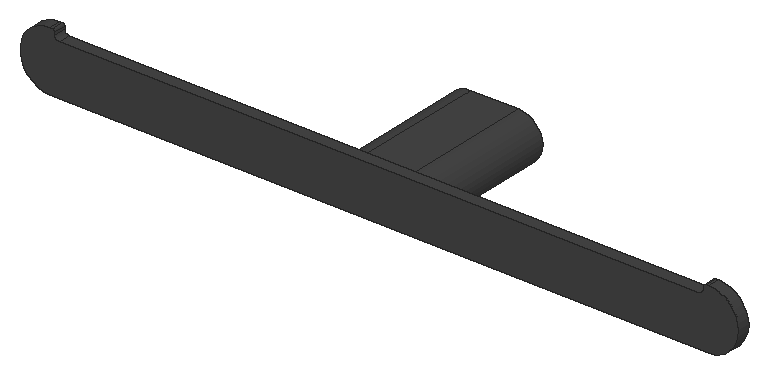
Revit family "rba-bim-rba1631-122", category Plumbing Fixtures, Revit 2016
Family settings
  Part Type = Normal
  Round Connector Dimension = Use Diameter
  Work Plane-Based = No
  Always vertical = Yes
  Cut with Voids When Loaded = No
  Shared = Yes
  Room Calculation Point = No
Parameters (values of type "RBA1631-322")
  Watermarked By = "www.rba.com.au"
  Waste Connection = yes
  Vent Connection = yes
  URL = ""
  Phone Number = "1300 788 778"
  Modified Issue = "20190924.01"
  Model = "RBA1631-322"
  Materials and Finishes = Heavy Duty Brass in a Matte Black Finish
  Manufacturer Model = ""
  Manufacturer = "RBA Group"  # constant formula
  HW Connection = yes
  Description = "ōken Double Toilet Roll Holder"
  Copyright by = "RBA Group"  # constant formula
  CW Connection = yes
Types (2, lengths in mm): name | Modified Issue | Model | Materials and Finishes
  RBA1631-122 | "20190220.01" | "RBA1631-122" | Heavy Duty Brass in a Bright Chrome Finish
  RBA1631-322 | "20190924.01" | "RBA1631-322" | Heavy Duty Brass in a Matte Black Finish
Reference planes
  plane 1 "Center (Front/Back)": y = 0
  plane 2: z = 0
  plane 3 "Center (Left/Right)": x = 0
  plane 4: x = 150
  plane 5: x = -150
Forms (mm)
  Extrusion 1, solid, material "Heavy Duty Brass in a Matte Black Finish" <- "Materials and Finishes"
    sketch origin (0, 0, 0) x (1, 0, 0) y (0, 0, 1)
      loop
        arc (-137.5, 25) -> (-150, 12.5) -> (-137.5, 0) r 12.5
        line (-137.5, 0) -> (137.5, 0)
        arc (137.5, 0) -> (150, 12.5) -> (137.5, 25) r 12.5
        line (137.5, 25) -> (136.5, 25)
        arc (136.5, 25) -> (135.793, 24.707) -> (135.5, 24) r 1
        line (135.5, 24) -> (135.5, 23)
        arc (135.5, 23) -> (134.914, 21.586) -> (133.5, 21) r 2
        line (133.5, 21) -> (-133.5, 21)
        arc (-133.5, 21) -> (-134.914, 21.586) -> (-135.5, 23) r 2
        line (-135.5, 23) -> (-135.5, 24)
        arc (-135.5, 24) -> (-135.793, 24.707) -> (-136.5, 25) r 1
        line (-136.5, 25) -> (-137.5, 25)
    from 55 to 60
  Extrusion 2, solid, material "Heavy Duty Brass in a Matte Black Finish" <- "Materials and Finishes"
    sketch origin (-1.5, 0, 0) x (1, 0, 0) y (0, 0, 1)
      loop
        arc (-8.5, 20) -> (-18.5, 10) -> (-8.5, 0) r 10
        line (-8.5, 0) -> (11.5, 0)
        arc (11.5, 0) -> (21.5, 10) -> (11.5, 20) r 10
        line (11.5, 20) -> (-8.5, 20)
    from 0 to 55
Dimensions and locks
  aligned and locked: plane 2 to level
